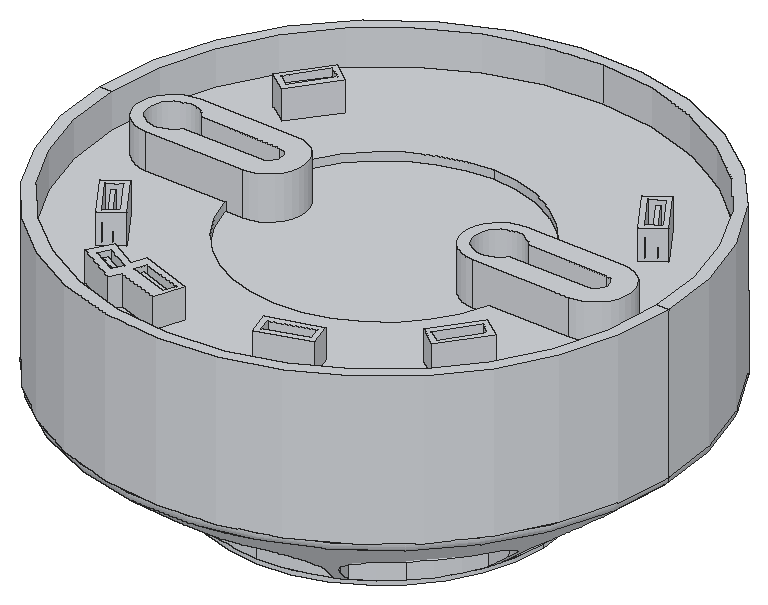
Revit family "С300Д_Ди_Т_30.06.2021", category Оборудование, Revit 2020
Family settings
  Размер круглого соединителя = Использовать диаметр
  Классификация = Нет
  Тип детали = Нормальный
  На основе рабочей плоскости = Нет
  Всегда вертикально = Да
  При загрузке вырезать с полостями = Нет
  Общий = Нет
  Точка расчета площади = Нет
Parameters (values of type "С300Д")
  Чувствительность извещателя, дБ/м [instance] = "настраиваемая: от 0,05 до 0,2"
  Фирма-изготовитель [instance] = "Плазма-Т"
  Температура транспортировки и хранения, °С [instance] = "от - 50 до +50"
  Температура срабатывания, °С [instance] = ""
  Средний срок службы [instance] = "не менее 10 лет"
  Радиус = Диаметр / 2  # 53.15 mm
  Площадь, контролируемая одним извещателем, м2 [instance] = "176,6 (при высоте до 15 м), круг радиусом 7,5 м"
  Отметка по умолчанию = 0 mm
  Общее описание [instance] = "Извещатель применяется в системах пожарной сигнализации и предназначен для обнаружения возгораний, сопровождающихся появлением дыма в закрытых помещениях различных зданий и сооружений, путём регистрации отражённого от частиц дыма оптического излучения и выдачи соответствующего уровня задымлённости дымовой камеры. Работает под управлением прибора адресной сигнализации ПАС300."
  Корпус_Цвет корпуса [instance] = "кремово-белый (RAL 9001)"
  Корпус_Степень защиты оболочкой [instance] = "IP41"
  Корпус_Масса с базой БС300, грамм [instance] = "140 (база 25)"
  Корпус_Габариты с базой БС300, мм [instance] = "диаметр - не более 107; высота - не более 50"
  Интерфейс С300_Электропитание [instance] = "от ПАС300 по интерфейсу С300"
  Интерфейс С300_Потребляемый ток в дежурном режиме [instance] = "1,0 мА"
  Интерфейс С300_Напряжение интерфейса С300, В [instance] = "от 11,5 до 28,0"
  Допустимая относительная влажность [instance] = "до 93% при +40 °С"
  Дополнительный функционал [instance] = "Самотестирование, Автокомпенсация запыленности, Предтревожное сообщение «Внимание»,\r\nВозможность подключения ВУОС,\r\nЗащита от несанкционированного снятия"
  Диапазон рабочих температур, °С [instance] = "от - 40 до +60"
  Диаметр = 106.3 mm
  Высота = 49.6 mm
Types (4, lengths in mm): name | Температура срабатывания, °С | Площадь, контролируемая одним извещателем, м2 | Общее описание | Корпус_Степень защиты оболочкой
  (no name) | "" | "176,6 (при высоте до 15 м), круг радиусом 7,5 м" | "Извещатель применяется в системах пожарной сигнализации и предназначен для обнаружения возгораний, сопровождающихся появлением дыма в закрытых помещениях различных зданий и сооружений, путём регистрации отражённого от частиц дыма оптического излучения и выдачи соответствующего уровня задымлённости дымовой камеры. Работает под управлением прибора адресной сигнализации ПАС300." | "IP41"
  С300Д | "" | "176,6 (при высоте до 15 м), круг радиусом 7,5 м" | "Извещатель применяется в системах пожарной сигнализации и предназначен для обнаружения возгораний, сопровождающихся появлением дыма в закрытых помещениях различных зданий и сооружений, путём регистрации отражённого от частиц дыма оптического излучения и выдачи соответствующего уровня задымлённости дымовой камеры. Работает под управлением прибора адресной сигнализации ПАС300." | "IP41"
  С300Ди | "" | "176,6 (при высоте до 15 м), круг радиусом 7,5 м" | "Извещатель применяется в системах пожарной сигнализации и предназначен для обнаружения возгораний, сопровождающихся появлением дыма в закрытых помещениях различных зданий и сооружений, путём регистрации отражённого от частиц дыма оптического излучения и выдачи соответствующего уровня задымлённости дымовой камеры. Работает под управлением прибора адресной сигнализации ПАС300." | "IP41"
  С300Т | "+58" | "88,2 (круг радиусом 5,3м)" | "Извещатель применяется в системах пожарной сигнализации и предназначен охраны объектов от пожаров путём контроля скорости нарастания температуры, превышения порогового значения и выдачи извещений в прибор адресный ПАС300." | "IP20"
Reference planes
  plane 1 "По центру (Вперед/Назад)": y = 0
  plane 2: z = 0
  plane 3 "По центру (Влево/Вправо)": x = 0
  plane 4: z = 49.6
  plane 5: x = 21.5
  plane 6: x = 39.5
  plane 7: x = -39.5
  plane 8: x = -21.5
  plane 9: through (-2.946, 43.774, 1200) normal (0.9977, 0.0671, 0)
  plane 10: through (28.87, 33.036, 1200) normal (0.753, -0.658, 0)
  plane 11: through (-33.036, 28.87, 1200) normal (0.658, 0.753, 0)
  plane 12: through (-43.774, -2.946, 1200) normal (-0.0671, 0.9977, 0)
  plane 13: through (-28.87, -33.036, 1200) normal (-0.753, 0.658, 0)
  plane 14: through (2.946, -43.774, 1200) normal (-0.9977, -0.0671, 0)
  plane 15: through (33.036, -28.87, 1200) normal (-0.658, -0.753, 0)
  plane 16: through (43.774, 2.946, 1200) normal (0.0671, -0.9977, 0)
Forms (mm)
  Revolve 1, solid
    sketch origin (0, 0, 49.4) x (-1, 0, 0) y (0, 0, -1)
      loop
        line (0, 49.6) -> (-20.6, 49.6) -> (-20.6, 48.1) -> (-29.7, 48.1) -> (-29.7, 47.3) -> (-52.38, 29.601)
        arc (-52.38, 29.601) -> (-52.947, 28.901) -> (-53.15, 28.024) r 2
        line (-53.15, 28.024) -> (-53.15, 0) -> (0, 0) -> (0, 49.6)
      axis (0, 0) -> (0, 49.6)
    angle from 0 to 360
  Extrusion 2, void
    sketch origin (0, 0, 49.4) x (0, 1, 0) y (1, 0, 0)
      loop
        circle (0, 0) r 50.95
    from 0 to 6.5
  Extrusion 3, void
    sketch origin (0, 0, 41.4) x (0, 1, 0) y (-1, 0, 0)
      loop
        circle (0, 0) r 25.5
    from 0 to 1.5
  Extrusion 4, solid
    sketch origin (0, 0, 49.4) x (-1, 0, 0) y (0, 1, 0)
      loop
        arc (21.5, 6.25) -> (15.25, 0) -> (21.5, -6.25) r 6.25
        line (21.5, -6.25) -> (39.5, -6.25)
        arc (39.5, -6.25) -> (45.75, 0) -> (39.5, 6.25) r 6.25
        line (39.5, 6.25) -> (21.5, 6.25)
      loop
        arc (-39.5, 6.25) -> (-45.75, 0) -> (-39.5, -6.25) r 6.25
        line (-39.5, -6.25) -> (-21.5, -6.25)
        arc (-21.5, -6.25) -> (-15.25, 0) -> (-21.5, 6.25) r 6.25
        line (-21.5, 6.25) -> (-39.5, 6.25)
    from 0 to 8
  Extrusion 5, void
    sketch origin (0, 0, 41.4) x (-1, 0, 0) y (0, -1, 0)
      loop
        line (21.5, -2.25) -> (35.894, -2.25)
        arc (35.894, -2.25) -> (43.75, 0) -> (35.894, 2.25) r 4.25
        line (35.894, 2.25) -> (21.5, 2.25)
        arc (21.5, 2.25) -> (19.25, 0) -> (21.5, -2.25) r 2.25
      loop
        line (-39.5, -2.25) -> (-25.106, -2.25)
        arc (-25.106, -2.25) -> (-17.25, 0) -> (-25.106, 2.25) r 4.25
        line (-25.106, 2.25) -> (-39.5, 2.25)
        arc (-39.5, 2.25) -> (-41.75, 0) -> (-39.5, -2.25) r 2.25
    from 0 to 8
  Extrusion 6, solid
    sketch origin (0, 0, 48.4) x (-1, 0, 0) y (0, 1, 0)
      loop
        line (-17.68, -38.289) -> (-8.563, -41.296) -> (-7.122, -36.927) -> (-16.24, -33.921) -> (-17.68, -38.289)
      loop
        line (27.69, -25.447) -> (31.447, -28.102) -> (36.988, -20.263) -> (33.231, -17.608) -> (27.69, -25.447)
      loop
        line (-27.69, -25.447) -> (-33.231, -17.608) -> (-36.988, -20.263) -> (-31.447, -28.102) -> (-27.69, -25.447)
      loop
        line (7.442, -37.258) -> (9.196, -42.577) -> (16.972, -40.013) -> (18.101, -42.046) -> (25.619, -37.869) -> (23.336, -33.76) -> (18.095, -36.673) -> (17.224, -34.033) -> (7.442, -37.258)
      loop
        line (-15.736, -35.14) -> (-16.594, -37.742) -> (-9.11, -40.21) -> (-8.252, -37.607) -> (-15.736, -35.14)
      loop
        line (33.231, 17.608) -> (36.988, 20.263) -> (31.447, 28.102) -> (27.69, 25.447) -> (33.231, 17.608)
      loop
        line (-27.69, 25.447) -> (-31.447, 28.102) -> (-36.988, 20.263) -> (-33.231, 17.608) -> (-27.69, 25.447)
      loop
        line (29.003, -25.322) -> (31.241, -26.904) -> (35.789, -20.468) -> (33.551, -18.887) -> (29.003, -25.322)
      loop
        line (-35.789, -20.468) -> (-31.241, -26.904) -> (-29.003, -25.322) -> (-33.551, -18.887) -> (-35.789, -20.468)
      loop
        line (29.003, 25.322) -> (33.551, 18.887) -> (35.789, 20.468) -> (31.241, 26.904) -> (29.003, 25.322)
      loop
        line (-33.551, 18.887) -> (-29.003, 25.322) -> (-31.241, 26.904) -> (-35.789, 20.468) -> (-33.551, 18.887)
      loop
        line (9.115, -40.255) -> (16.599, -37.788) -> (15.866, -35.565) -> (8.382, -38.033) -> (9.115, -40.255)
      loop
        line (22.712, -35.479) -> (18.15, -38.015) -> (19.189, -39.886) -> (23.752, -37.35) -> (22.712, -35.479)
    from 0 to 5.5
  Extrusion 7, void
    sketch origin (0, 0, -0.2) x (1, 0, 0) y (0, 1, 0)
      loop
        arc (29.7, 0) -> (29.388, -4.295) -> (28.458, -8.499) r 29.7
        line (28.458, -8.499) -> (33.814, -10.297)
        arc (33.814, -10.297) -> (38.488, -10.443) -> (42.462, -7.98) r 8.098
        arc (42.462, -7.98) -> (42.826, -7.641) -> (43.248, -7.378) r 2.577
        arc (43.248, -7.378) -> (43.839, -2.233) -> (43.774, 2.946) r 40.809
        arc (43.774, 2.946) -> (43.145, 8.086) -> (41.87, 13.106) r 40.809
        arc (41.87, 13.106) -> (41.416, 13.31) -> (41.01, 13.597) r 2.577
        arc (41.01, 13.597) -> (36.741, 15.505) -> (32.129, 14.735) r 8.098
        line (32.129, 14.735) -> (27.063, 12.235)
        arc (27.063, 12.235) -> (29.033, 6.258) -> (29.7, 0) r 29.7
    from 0 to 13.9
  Extrusion 8, solid
    sketch origin (0, 0, 47.5) x (-1, 0, 0) y (0, 1, 0)
      loop
        line (9.191, -39.399) -> (16.028, -37.144) -> (15.778, -36.384) -> (8.94, -38.639) -> (9.191, -39.399)
      loop
        line (19.103, -39.03) -> (23.08, -36.82) -> (22.691, -36.12) -> (18.714, -38.331) -> (19.103, -39.03)
      loop
        line (-16.024, -37.098) -> (-9.186, -39.353) -> (-8.935, -38.593) -> (-15.773, -36.338) -> (-16.024, -37.098)
      loop
        line (-30.139, -25.708) -> (-34.294, -19.828) -> (-34.948, -20.29) -> (-30.792, -26.17) -> (-30.139, -25.708)
      loop
        line (30.792, -26.17) -> (34.948, -20.29) -> (34.294, -19.828) -> (30.139, -25.708) -> (30.792, -26.17)
      loop
        line (-34.294, 19.828) -> (-30.139, 25.708) -> (-30.792, 26.17) -> (-34.948, 20.29) -> (-34.294, 19.828)
      loop
        line (30.139, 25.708) -> (34.294, 19.828) -> (34.948, 20.29) -> (30.792, 26.17) -> (30.139, 25.708)
    from 0 to 4.6
  Extrusion 9, void
    sketch origin (0, 0, -0.2) x (0.707107, -0.707107, 0) y (0.707107, 0.707107, 0)
      loop
        arc (29.7, 0) -> (29.388, -4.295) -> (28.458, -8.499) r 29.7
        line (28.458, -8.499) -> (33.814, -10.297)
        arc (33.814, -10.297) -> (38.488, -10.443) -> (42.462, -7.98) r 8.098
        arc (42.462, -7.98) -> (42.826, -7.641) -> (43.248, -7.378) r 2.577
        arc (43.248, -7.378) -> (43.839, -2.233) -> (43.774, 2.946) r 40.809
        arc (43.774, 2.946) -> (43.145, 8.086) -> (41.87, 13.106) r 40.809
        arc (41.87, 13.106) -> (41.416, 13.31) -> (41.01, 13.597) r 2.577
        arc (41.01, 13.597) -> (36.741, 15.505) -> (32.129, 14.735) r 8.098
        line (32.129, 14.735) -> (27.063, 12.235)
        arc (27.063, 12.235) -> (29.033, 6.258) -> (29.7, 0) r 29.7
    from 0 to 13.9
  Extrusion 10, void
    sketch origin (0, 0, -0.2) x (0.707107, 0.707107, 0) y (-0.707107, 0.707107, 0)
      loop
        arc (29.7, 0) -> (29.388, -4.295) -> (28.458, -8.499) r 29.7
        line (28.458, -8.499) -> (33.814, -10.297)
        arc (33.814, -10.297) -> (38.488, -10.443) -> (42.462, -7.98) r 8.098
        arc (42.462, -7.98) -> (42.826, -7.641) -> (43.248, -7.378) r 2.577
        arc (43.248, -7.378) -> (43.839, -2.233) -> (43.774, 2.946) r 40.809
        arc (43.774, 2.946) -> (43.145, 8.086) -> (41.87, 13.106) r 40.809
        arc (41.87, 13.106) -> (41.416, 13.31) -> (41.01, 13.597) r 2.577
        arc (41.01, 13.597) -> (36.741, 15.505) -> (32.129, 14.735) r 8.098
        line (32.129, 14.735) -> (27.063, 12.235)
        arc (27.063, 12.235) -> (29.033, 6.258) -> (29.7, 0) r 29.7
    from 0 to 13.9
  Extrusion 11, void
    sketch origin (0, 0, -0.2) x (0, 1, 0) y (-1, 0, 0)
      loop
        arc (29.7, 0) -> (29.388, -4.295) -> (28.458, -8.499) r 29.7
        line (28.458, -8.499) -> (33.814, -10.297)
        arc (33.814, -10.297) -> (38.488, -10.443) -> (42.462, -7.98) r 8.098
        arc (42.462, -7.98) -> (42.826, -7.641) -> (43.248, -7.378) r 2.577
        arc (43.248, -7.378) -> (43.839, -2.233) -> (43.774, 2.946) r 40.809
        arc (43.774, 2.946) -> (43.145, 8.086) -> (41.87, 13.106) r 40.809
        arc (41.87, 13.106) -> (41.416, 13.31) -> (41.01, 13.597) r 2.577
        arc (41.01, 13.597) -> (36.741, 15.505) -> (32.129, 14.735) r 8.098
        line (32.129, 14.735) -> (27.063, 12.235)
        arc (27.063, 12.235) -> (29.033, 6.258) -> (29.7, 0) r 29.7
    from 0 to 13.9
  Extrusion 12, void
    sketch origin (0, 0, -0.2) x (-0.707107, 0.707107, 0) y (-0.707107, -0.707107, 0)
      loop
        arc (29.7, 0) -> (29.388, -4.295) -> (28.458, -8.499) r 29.7
        line (28.458, -8.499) -> (33.814, -10.297)
        arc (33.814, -10.297) -> (38.488, -10.443) -> (42.462, -7.98) r 8.098
        arc (42.462, -7.98) -> (42.826, -7.641) -> (43.248, -7.378) r 2.577
        arc (43.248, -7.378) -> (43.839, -2.233) -> (43.774, 2.946) r 40.809
        arc (43.774, 2.946) -> (43.145, 8.086) -> (41.87, 13.106) r 40.809
        arc (41.87, 13.106) -> (41.416, 13.31) -> (41.01, 13.597) r 2.577
        arc (41.01, 13.597) -> (36.741, 15.505) -> (32.129, 14.735) r 8.098
        line (32.129, 14.735) -> (27.063, 12.235)
        arc (27.063, 12.235) -> (29.033, 6.258) -> (29.7, 0) r 29.7
    from 0 to 13.9
  Extrusion 13, void
    sketch origin (0, 0, -0.2) x (-1, 0, 0) y (0, -1, 0)
      loop
        arc (29.7, 0) -> (29.388, -4.295) -> (28.458, -8.499) r 29.7
        line (28.458, -8.499) -> (33.814, -10.297)
        arc (33.814, -10.297) -> (38.488, -10.443) -> (42.462, -7.98) r 8.098
        arc (42.462, -7.98) -> (42.826, -7.641) -> (43.248, -7.378) r 2.577
        arc (43.248, -7.378) -> (43.839, -2.233) -> (43.774, 2.946) r 40.809
        arc (43.774, 2.946) -> (43.145, 8.086) -> (41.87, 13.106) r 40.809
        arc (41.87, 13.106) -> (41.416, 13.31) -> (41.01, 13.597) r 2.577
        arc (41.01, 13.597) -> (36.741, 15.505) -> (32.129, 14.735) r 8.098
        line (32.129, 14.735) -> (27.063, 12.235)
        arc (27.063, 12.235) -> (29.033, 6.258) -> (29.7, 0) r 29.7
    from 0 to 13.9
  Extrusion 14, void
    sketch origin (0, 0, -0.2) x (-0.707107, -0.707107, 0) y (0.707107, -0.707107, 0)
      loop
        arc (29.7, 0) -> (29.388, -4.295) -> (28.458, -8.499) r 29.7
        line (28.458, -8.499) -> (33.814, -10.297)
        arc (33.814, -10.297) -> (38.488, -10.443) -> (42.462, -7.98) r 8.098
        arc (42.462, -7.98) -> (42.826, -7.641) -> (43.248, -7.378) r 2.577
        arc (43.248, -7.378) -> (43.839, -2.233) -> (43.774, 2.946) r 40.809
        arc (43.774, 2.946) -> (43.145, 8.086) -> (41.87, 13.106) r 40.809
        arc (41.87, 13.106) -> (41.416, 13.31) -> (41.01, 13.597) r 2.577
        arc (41.01, 13.597) -> (36.741, 15.505) -> (32.129, 14.735) r 8.098
        line (32.129, 14.735) -> (27.063, 12.235)
        arc (27.063, 12.235) -> (29.033, 6.258) -> (29.7, 0) r 29.7
    from 0 to 13.9
  Extrusion 15, void
    sketch origin (0, 0, -0.2) x (0, -1, 0) y (1, 0, 0)
      loop
        arc (29.7, 0) -> (29.388, -4.295) -> (28.458, -8.499) r 29.7
        line (28.458, -8.499) -> (33.814, -10.297)
        arc (33.814, -10.297) -> (38.488, -10.443) -> (42.462, -7.98) r 8.098
        arc (42.462, -7.98) -> (42.826, -7.641) -> (43.248, -7.378) r 2.577
        arc (43.248, -7.378) -> (43.839, -2.233) -> (43.774, 2.946) r 40.809
        arc (43.774, 2.946) -> (43.145, 8.086) -> (41.87, 13.106) r 40.809
        arc (41.87, 13.106) -> (41.416, 13.31) -> (41.01, 13.597) r 2.577
        arc (41.01, 13.597) -> (36.741, 15.505) -> (32.129, 14.735) r 8.098
        line (32.129, 14.735) -> (27.063, 12.235)
        arc (27.063, 12.235) -> (29.033, 6.258) -> (29.7, 0) r 29.7
    from 0 to 13.9
Cuts and joins
  Extrusion 2, Extrusion 3, Extrusion 5, Extrusion 7, Extrusion 9, Extrusion 10, Extrusion 11, Extrusion 12, Extrusion 13, Extrusion 14, Extrusion 15 cuts Revolve 1
  Extrusion 5 cuts Extrusion 4
Dimensions and locks
  "Высота": plane 4 to level
  "Радиус": Revolve 1 sketch curve to Revolve 1 sketch curve
  locked: Revolve 1 sketch curve to Revolve 1 sketch curve at 28.024
  locked: Extrusion 4 sketch curve to Extrusion 4 sketch curve at 12.5  (x2)
  locked: plane 8 to plane 3 "По центру (Влево/Вправо)" at 21.5
  locked: plane 3 "По центру (Влево/Вправо)" to plane 5 at 21.5
  locked: plane 5 to plane 6 at 18
  locked: plane 7 to plane 8 at 18
  locked: Extrusion 5 sketch curve to Extrusion 5 sketch curve at 4.5  (x2)
  locked: Extrusion 6 sketch curve to Extrusion 6 sketch curve at 9.6  (x5)
  locked: Extrusion 6 sketch curve to Extrusion 6 sketch curve at 4.6  (x5)
  locked: Extrusion 6 sketch curve to Extrusion 6 sketch curve at 10.3
  locked: Extrusion 6 sketch curve to Extrusion 6 sketch curve at 5.6
  locked: Extrusion 6 sketch curve to Extrusion 6 sketch curve at 8.6
  locked: Extrusion 6 sketch curve to Extrusion 6 sketch curve at 4.7
  locked: Revolve 1 sketch curve to Revolve 1 sketch curve at 29.7
  locked: Revolve 1 sketch curve to Revolve 1 sketch curve at 20.6
  Revolve 1 sketch curve to plane 4 = 48.3 mm
  Revolve 1 sketch curve to plane 4 = 47.5 mm
  diameter of Extrusion 2 sketch curve = 101.9 mm
  diameter of Extrusion 3 sketch curve = 51 mm
  radius of Extrusion 5 sketch curve = 4.25 mm  (x2)
  aligned and locked: level to plane 2
  aligned and locked: Extrusion 2 sketch curve to plane 3 "По центру (Влево/Вправо)"
  aligned and locked: plane 1 "По центру (Вперед/Назад)" to Extrusion 2 sketch curve
  aligned and locked: Extrusion 3 sketch curve to plane 3 "По центру (Влево/Вправо)"
  aligned and locked: plane 1 "По центру (Вперед/Назад)" to Extrusion 3 sketch curve
Automatic sketch dimensions
  Revolve 1 sketch curve to plane 3 "По центру (Влево/Вправо)" = 0 mm  (x2)
  Revolve 1 sketch curve to Revolve 1 sketch curve = 0.77 mm
  Revolve 1 sketch curve to Revolve 1 sketch curve = 1.23 mm
  level to Revolve 1 sketch curve = 19.799 mm
  Revolve 1 sketch curve to level = 0.2 mm
  plane 4 to Revolve 1 sketch curve = 9.8 mm
  Revolve 1 sketch curve to Revolve 1 sketch curve = 10.4 mm
  Extrusion 4 sketch curve to Extrusion 4 sketch curve = 18 mm  (x2)
  Extrusion 4 sketch curve to Extrusion 4 sketch curve = 43 mm
  Extrusion 4 sketch curve to Extrusion 4 sketch curve = 0 mm
  Extrusion 4 to Extrusion 5 sketch curve = 4 mm
  Extrusion 5 sketch curve to Extrusion 5 sketch curve = 14.394 mm
  Extrusion 5 sketch curve to Extrusion 5 sketch curve = 0 mm  (x3)
  Extrusion 4 to Extrusion 5 sketch curve = 6.25 mm  (x2)
  Extrusion 5 sketch curve to Extrusion 5 sketch curve = 43 mm
  Extrusion 5 sketch curve to Extrusion 5 sketch curve = 18 mm
  Extrusion 6 sketch curve to Extrusion 6 sketch curve = 0 mm
  Extrusion 6 sketch curve to Extrusion 6 sketch curve = 1.199 mm  (x4)
  Extrusion 6 sketch curve to Extrusion 6 sketch curve = 2.238 mm  (x4)
  Extrusion 6 sketch curve to Extrusion 6 sketch curve = 0.32 mm  (x4)
  Extrusion 6 sketch curve to Extrusion 6 sketch curve = 0.206 mm  (x6)
  Extrusion 6 sketch curve to Extrusion 6 sketch curve = 10.01 mm
  Extrusion 6 sketch curve to Extrusion 6 sketch curve = 1.086 mm
  Extrusion 6 sketch curve to Extrusion 6 sketch curve = 0.354 mm
  Extrusion 6 sketch curve to Extrusion 6 sketch curve = 0.504 mm
  Extrusion 6 sketch curve to Extrusion 6 sketch curve = 0.547 mm
  Extrusion 6 sketch curve to Extrusion 6 sketch curve = 14.565 mm
  Extrusion 6 sketch curve to Extrusion 6 sketch curve = 0.94 mm
  Extrusion 6 sketch curve to Extrusion 6 sketch curve = 0.733 mm
  Extrusion 6 sketch curve to Extrusion 6 sketch curve = 0.081 mm
  Extrusion 6 sketch curve to Extrusion 6 sketch curve = 1.358 mm
  Extrusion 6 sketch curve to Extrusion 6 sketch curve = 0.373 mm
  Extrusion 6 sketch curve to Extrusion 6 sketch curve = 1.496 mm
  Extrusion 6 sketch curve to Extrusion 6 sketch curve = 1.13 mm
  Extrusion 6 sketch curve to Extrusion 6 sketch curve = 0.055 mm
  Extrusion 6 sketch curve to Extrusion 6 sketch curve = 1.039 mm
  Extrusion 6 sketch curve to Extrusion 6 sketch curve = 0.623 mm
  Extrusion 6 sketch curve to Extrusion 6 sketch curve = 55.381 mm
  Extrusion 6 sketch curve to Extrusion 6 sketch curve = 4.355 mm
  Extrusion 6 sketch curve to Extrusion 6 sketch curve = 1.313 mm  (x2)
  Extrusion 6 sketch curve to Extrusion 6 sketch curve = 2.655 mm
  Extrusion 6 sketch curve to Extrusion 6 sketch curve = 0.125 mm  (x2)
  Extrusion 6 sketch curve to Extrusion 6 sketch curve = 35.215 mm  (x2)
  Extrusion 6 sketch curve to Extrusion 6 sketch curve = 1.279 mm  (x2)
  Extrusion 6 sketch curve to Extrusion 6 sketch curve = 8.313 mm
  Extrusion 6 sketch curve to Extrusion 6 sketch curve = 8.473 mm
  Extrusion 6 sketch curve to Extrusion 6 sketch curve = 1.219 mm
  Extrusion 6 sketch curve to Extrusion 6 sketch curve = 1.719 mm
  Extrusion 6 sketch curve to Extrusion 6 sketch curve = 1.532 mm
  Extrusion 6 sketch curve to Extrusion 6 sketch curve = 0.518 mm
  Extrusion 6 sketch curve to Extrusion 6 sketch curve = 0.68 mm
  Extrusion 6 sketch curve to Extrusion 6 sketch curve = 0.227 mm
  Extrusion 8 sketch curve to Extrusion 8 sketch curve = 0 mm  (x2)
  Extrusion 8 sketch curve to Extrusion 8 sketch curve = 0.653 mm  (x4)
  Extrusion 8 sketch curve to Extrusion 8 sketch curve = 4.155 mm  (x4)
  Extrusion 8 sketch curve to Extrusion 8 sketch curve = 14.115 mm
  Extrusion 8 sketch curve to Extrusion 8 sketch curve = 0.251 mm  (x2)
  Extrusion 8 sketch curve to Extrusion 8 sketch curve = 6.838 mm  (x2)
  Extrusion 8 sketch curve to Extrusion 8 sketch curve = 17.875 mm
  Extrusion 8 sketch curve to Extrusion 8 sketch curve = 2.686 mm
  Extrusion 8 sketch curve to Extrusion 8 sketch curve = 0.389 mm
  Extrusion 8 sketch curve to Extrusion 8 sketch curve = 3.977 mm
  Extrusion 8 sketch curve to Extrusion 8 sketch curve = 60.278 mm
  Extrusion 8 sketch curve to Extrusion 8 sketch curve = 7.448 mm
  Extrusion 8 sketch curve to Extrusion 8 sketch curve = 0.462 mm  (x4)
  Extrusion 8 sketch curve to Extrusion 8 sketch curve = 39.657 mm  (x2)
  Extrusion 8 sketch curve to Extrusion 8 sketch curve = 10.412 mm
  Extrusion 8 sketch curve to Extrusion 8 sketch curve = 10.63 mm
  Extrusion 8 sketch curve to Extrusion 8 sketch curve = 0.264 mm
  Extrusion 8 sketch curve to Extrusion 8 sketch curve = 0.699 mm
  Extrusion 8 sketch curve to Extrusion 8 sketch curve = 0.76 mm  (x2)
Connectors
  electrical at (0.721, 0, 41.4)
    settings: on cut or joined group of Revolve 1, Extrusion 2, Extrusion 3, Extrusion 5, Extrusion 7, Extrusion 9, Extrusion 10, Extrusion 11, Extrusion 12, Extrusion 13, Extrusion 14, Extrusion 15, index 1, voltage 0 V, apparent load 0 VA, apparent load phase1 0 VA, apparent load phase2 0 VA, apparent load phase3 0 VA, power factor 1, load classification "Прочее", number of poles 1, system type 9, power factor state 1, is connector primary yes, connector utility no, sub classification motor no, connector description "С300"
  electrical at (-30.5, 0, 49.4)
    settings: on cut or joined group of Extrusion 4, Extrusion 5, index 2, voltage 0 V, apparent load 0 VA, apparent load phase1 0 VA, apparent load phase2 0 VA, apparent load phase3 0 VA, power factor 1, load classification "Прочее", number of poles 1, system type 9, power factor state 1, is connector primary no, connector utility no, sub classification motor no, connector description "С300"
